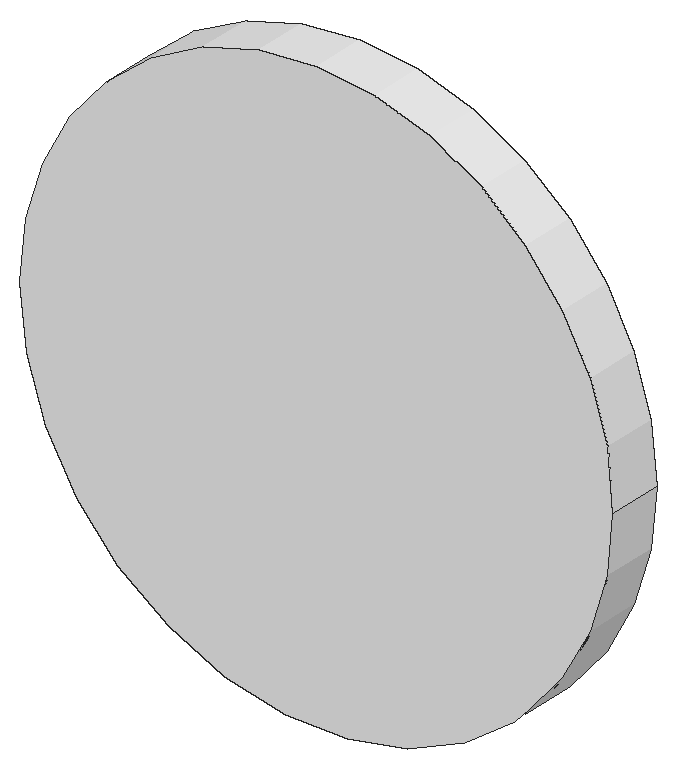
Revit family "Deca_Torneira de tanque com derivação para maquina_Torneira Uso Geral_1155.37", category Plumbing Fixtures, host Face, Revit 2019
Family settings
  Host = Face
  Round Connector Dimension = Use Radius
  Part Type = Normal
  Cut with Voids When Loaded = No
  Shared = No
  Room Calculation Point = No
Parameters (values of type "1155.C37_Cromado")
  Vazão na Pressão mín. (L/min) = "11 l/min"
  Vazão na Pressão máx. (L/min) = "41 l/min"
  URL = "www.deca.com.br"
  Tipo de rosca de saída = "-"
  Tipo de rosca de entrada = "BSP NBR 8133"
  Tipo de mecanismo utilizado = "MVC -1/4 volta"
  Tipo de dispositivo economizador = "Não"
  Segmento = "Banheiro Competitivo"
  Saída de Esgoto = "-"
  Raio Água Fria = 7.5 mm  # constant formula
  Pressão mín. funcionamento = "2 MCA"
  Pressão mín. Aquec. Passagem = "-"
  Pressão mín. Aquec. Acúmulo = "-"
  Pressão máx. funcionamento = "40 MCA"
  Peso Líquido (Kg) = 0.673
  Norma = "NBR10281"
  Model = "1155.C37"
  Material = Deca_Cromado
  Manufacturer = "Deca"
  Linha = "Torneira Uso Geral"
  Itens de Instalação = "-"
  Informações Complementares = "-"
  Description = "Torneira de tanque com derivação para maquina"
  Default Elevation = 1100 mm
  Diâmetro Água Fria = Raio Água Fria * 2  # 15 mm
  Código Pai = "1155.37"
  Criado por = "quattroD"
  Cores Componente = "-"
  Cor Secundária = "-"
  Cor Principal = "Cromado"
  Cor Interna = "-"
  Consumo = "-"
  Composição Componente = "-"
  Composição Básica = "Liga de Cobre (bronze e latão),Plásticos de Engenharia,Elastômeros"
  Composição Assento = "-"
  Composição Anel Vedação = "-"
  Categoria = "METAIS PARA AREA SERVICO"
  Atendimento ao Cliente = "0800-0117073"
  Aprovado por = "quattroD"
  Acompanha o Produto = "-"
Reference planes
  plane 1 "Center (Front/Back)": y = 0
  plane 2: z = 0
  plane 3 "Center (Left/Right)": x = 0
Forms (mm)
  Extrusion 1, solid, material "Deca_Cromado"
    sketch origin (-44.829, 169.829, 0) x (1, 0, 0) y (0, 0, 1)
      loop
        circle (44.829, 74.661) r 11.401
    from 124.973 to 127.056
Lines and regions (mm)
  Masking region 1
    outline origin (0, 0, 0) x (0, 1, 0) y (0, 0, 1)
      loop
        line (-48.588, 29.425) -> (-46.588, 31.425) -> (-46.588, 28.8)
        arc (-46.588, 28.8) -> (-46.249, 25.511) -> (-45.839, 22.23) r 150
        arc (-45.839, 22.23) -> (-45.172, 20.993) -> (-43.857, 20.5) r 2
        line (-43.857, 20.5) -> (-35.323, 20.5)
        arc (-35.323, 20.5) -> (-34.008, 20.993) -> (-33.341, 22.23) r 2
        arc (-33.341, 22.23) -> (-32.891, 25.862) -> (-32.53, 29.504) r 150
        line (-32.53, 29.504) -> (-19.402, 29.962)
        arc (-19.402, 29.962) -> (-12.836, 27.442) -> (-10.088, 20.968) r 9
        line (-10.088, 20.968) -> (-10.088, 10.459) -> (-12.158, 10.459) -> (-22.34, 6.428)
        arc (-22.34, 6.428) -> (-23.028, 5.876) -> (-23.288, 5.033) r 1.5
        line (-23.288, 5.033) -> (-23.288, 0) -> (26.712, 0) -> (26.712, 5.033)
        arc (26.712, 5.033) -> (26.453, 5.876) -> (25.765, 6.428) r 1.5
        line (25.765, 6.428) -> (15.582, 10.459) -> (13.512, 10.459) -> (13.512, 53.9)
        arc (13.512, 53.9) -> (15.803, 59.296) -> (21.274, 61.396) r 7.5
        line (21.274, 61.396) -> (22.472, 61.25) -> (37.472, 61.25)
        arc (37.472, 61.25) -> (37.826, 61.396) -> (37.972, 61.75) r 0.5
        line (37.972, 61.75) -> (37.972, 68.402) -> (42.641, 68.402) -> (42.774, 64.924)
        arc (42.774, 64.924) -> (43.385, 63.559) -> (44.772, 63) r 2
        line (44.772, 63) -> (46.772, 63) -> (46.772, 41.5) -> (57.772, 41.5) -> (57.772, 63) -> (59.272, 63)
        arc (59.272, 63) -> (59.98, 63.293) -> (60.272, 64) r 1
        line (60.272, 64) -> (60.272, 66)
        arc (60.272, 66) -> (60.817, 65.894) -> (61.295, 66.175) r 0.785
        arc (61.295, 66.175) -> (61.822, 74.588) -> (61.272, 83) r 66
        arc (61.272, 83) -> (60.772, 83.5) -> (60.272, 83) r 0.5
        line (60.272, 83) -> (60.272, 85)
        arc (60.272, 85) -> (59.98, 85.707) -> (59.272, 86) r 1
        line (59.272, 86) -> (57.772, 86) -> (57.772, 107.5) -> (46.772, 107.5) -> (46.772, 86.062) -> (44.711, 85.999)
        arc (44.711, 85.999) -> (43.362, 85.418) -> (42.774, 84.071) r 2
        line (42.774, 84.071) -> (42.652, 80.644) -> (37.972, 80.644) -> (37.972, 87.25)
        arc (37.972, 87.25) -> (37.826, 87.604) -> (37.472, 87.75) r 0.5
        line (37.472, 87.75) -> (22.472, 87.75) -> (18.078, 87.75)
        arc (18.078, 87.75) -> (13.406, 89.92) -> (10.328, 94.052) r 10.5
        arc (10.328, 94.052) -> (-1.295, 110.135) -> (-18.914, 119.264) r 42.883
        arc (-18.914, 119.264) -> (-21.056, 121.074) -> (-21.313, 123.866) r 3.7
        arc (-21.313, 123.866) -> (-21.115, 124.852) -> (-21.114, 125.859) r 5.119
        line (-21.114, 125.859) -> (-23.098, 126.581) -> (-23.586, 127.355) -> (-31.81, 130.348) -> (-33.195, 129.83) -> (-35.771, 122.664)
        arc (-35.771, 122.664) -> (-36.479, 122.539) -> (-37.187, 122.664) r 2.069
        line (-37.187, 122.664) -> (-40.843, 123.994) -> (-43.35, 124.008) -> (-43.075, 124.806) -> (-47.124, 125.376) -> (-46.834, 126.175) -> (-50.883, 126.744) -> (-50.592, 127.543) -> (-53.514, 127.702) -> (-57.311, 117.271) -> (-54.97, 115.515) -> (-54.679, 116.313) -> (-51.211, 114.146) -> (-50.921, 114.945) -> (-47.453, 112.778) -> (-47.162, 113.577) -> (-45.221, 111.966) -> (-41.565, 110.635)
        arc (-41.565, 110.635) -> (-40.945, 110.241) -> (-40.551, 109.621) r 1.697
        line (-40.551, 109.621) -> (-43.114, 102.579) -> (-42.54, 101.349) -> (-34.162, 98.3) -> (-33.29, 98.578) -> (-31.306, 97.856) -> (-30.629, 98.269) -> (-30.217, 99.402)
        arc (-30.217, 99.402) -> (-27.605, 101.392) -> (-24.438, 100.521) r 3.7
        arc (-24.438, 100.521) -> (-19.02, 96.497) -> (-14.405, 91.571) r 37.718
        arc (-14.405, 91.571) -> (-11.197, 85.663) -> (-10.088, 79.032) r 20.366
        line (-10.088, 79.032) -> (-10.088, 64.032)
        arc (-10.088, 64.032) -> (-12.836, 57.558) -> (-19.402, 55.038) r 9
        line (-19.402, 55.038) -> (-32.53, 55.496)
        arc (-32.53, 55.496) -> (-32.891, 59.138) -> (-33.341, 62.77) r 150
        arc (-33.341, 62.77) -> (-34.008, 64.007) -> (-35.323, 64.5) r 2
        line (-35.323, 64.5) -> (-43.857, 64.5)
        arc (-43.857, 64.5) -> (-45.172, 64.007) -> (-45.839, 62.77) r 2
        arc (-45.839, 62.77) -> (-46.249, 59.489) -> (-46.588, 56.2) r 150
        line (-46.588, 56.2) -> (-46.588, 53.575) -> (-48.588, 55.575) -> (-60.113, 55.575) -> (-61.188, 54.5) -> (-62.188, 54.5) -> (-62.188, 30.5) -> (-61.188, 30.5) -> (-60.113, 29.425) -> (-48.588, 29.425)
  Masking region 2
    outline origin (0, 0, 0) x (1, 0, 0) y (0, 1, 0)
      loop
        arc (8.325, 61.295) -> (0, 61.822) -> (-8.325, 61.295) r 66
        arc (-8.325, 61.295) -> (-8.836, 60.784) -> (-8.325, 60.272) r 0.511
        line (-8.325, 60.272) -> (-10.5, 60.272)
        arc (-10.5, 60.272) -> (-11.268, 59.913) -> (-11.484, 59.093) r 1
        line (-11.484, 59.093) -> (-11.243, 57.772) -> (-33, 57.772) -> (-33, 46.772) -> (-11.498, 46.772) -> (-11.498, 44.856)
        arc (-11.498, 44.856) -> (-10.943, 43.388) -> (-9.5, 42.772) r 2
        line (-9.5, 42.772) -> (-6.15, 42.772) -> (-6.15, 37.972) -> (-12.75, 37.972)
        arc (-12.75, 37.972) -> (-13.104, 37.826) -> (-13.25, 37.472) r 0.5
        line (-13.25, 37.472) -> (-13.25, 22.912)
        arc (-13.25, 22.912) -> (-24.997, 1.328) -> (-12.592, -19.885) r 25
        line (-12.592, -19.885) -> (-12.592, -23.583)
        arc (-12.592, -23.583) -> (-14.337, -24.944) -> (-14.643, -27.136) r 2.948
        arc (-14.643, -27.136) -> (-15.182, -27.533) -> (-15.388, -28.171) r 1.091
        line (-15.388, -28.171) -> (-15.388, -32.757)
        arc (-15.388, -32.757) -> (-17.832, -33.029) -> (-20.27, -33.341) r 150
        arc (-20.27, -33.341) -> (-21.507, -34.008) -> (-22, -35.323) r 2
        line (-22, -35.323) -> (-22, -43.857)
        arc (-22, -43.857) -> (-21.507, -45.172) -> (-20.27, -45.839) r 2
        arc (-20.27, -45.839) -> (-16.989, -46.249) -> (-13.7, -46.588) r 150
        line (-13.7, -46.588) -> (-11.075, -46.588) -> (-13.075, -48.588) -> (-13.075, -60.113) -> (-12, -61.188) -> (-12, -62.188) -> (12, -62.188) -> (12, -61.188) -> (13.075, -60.113) -> (13.075, -48.588) -> (11.075, -46.588) -> (13.7, -46.588)
        arc (13.7, -46.588) -> (16.989, -46.249) -> (20.27, -45.839) r 150
        arc (20.27, -45.839) -> (21.507, -45.172) -> (22, -43.857) r 2
        line (22, -43.857) -> (22, -35.323)
        arc (22, -35.323) -> (21.507, -34.008) -> (20.27, -33.341) r 2
        arc (20.27, -33.341) -> (17.868, -33.033) -> (15.46, -32.764) r 150
        line (15.46, -32.764) -> (15.46, -28.495)
        arc (15.46, -28.495) -> (15.24, -27.702) -> (14.643, -27.136) r 1.539
        arc (14.643, -27.136) -> (14.431, -24.917) -> (12.682, -23.535) r 2.841
        line (12.682, -23.535) -> (12.682, -19.832)
        arc (12.682, -19.832) -> (24.998, 1.38) -> (13.25, 22.912) r 25
        line (13.25, 22.912) -> (13.25, 37.472)
        arc (13.25, 37.472) -> (13.104, 37.826) -> (12.75, 37.972) r 0.5
        line (12.75, 37.972) -> (6.15, 37.972) -> (6.15, 42.772) -> (9.5, 42.772)
        arc (9.5, 42.772) -> (10.943, 43.388) -> (11.498, 44.856) r 2
        line (11.498, 44.856) -> (11.498, 46.772) -> (33, 46.772) -> (33, 57.772) -> (11.228, 57.772) -> (11.482, 59.082)
        arc (11.482, 59.082) -> (11.271, 59.909) -> (10.5, 60.272) r 1
        line (10.5, 60.272) -> (8.325, 60.272)
        arc (8.325, 60.272) -> (8.836, 60.784) -> (8.325, 61.295) r 0.511
  Masking region 3
    outline origin (0, 0, 0) x (1, 0, 0) y (0, 0, 1)
      loop
        line (25, 0) -> (25, 5.033)
        arc (25, 5.033) -> (24.741, 5.876) -> (24.052, 6.428) r 1.5
        line (24.052, 6.428) -> (13.87, 10.459) -> (12.055, 10.459) -> (12.055, 32.08)
        arc (12.055, 32.08) -> (15.83, 34.759) -> (20.002, 36.763) r 27.361
        arc (20.002, 36.763) -> (21.05, 37.31) -> (21.606, 38.354) r 2
        arc (21.606, 38.354) -> (22, 42.5) -> (21.606, 46.646) r 22
        arc (21.606, 46.646) -> (21.157, 47.575) -> (20.306, 48.156) r 2
        arc (20.306, 48.156) -> (15.93, 50.212) -> (12.055, 53.103) r 24.017
        line (12.055, 53.103) -> (12.055, 69) -> (33, 69) -> (33, 80) -> (12.055, 80)
        arc (12.055, 80) -> (11.611, 91.141) -> (10.854, 102.265) r 394.876
        arc (10.854, 102.265) -> (15.947, 113.093) -> (12.759, 124.626) r 17.228
        arc (12.759, 124.626) -> (3.053, 130.708) -> (-8.14, 128.277) r 15.183
        arc (-8.14, 128.277) -> (-16.163, 115.966) -> (-10.854, 102.265) r 16.107
        arc (-10.854, 102.265) -> (-11.733, 91.147) -> (-12.055, 80) r 222.791
        line (-12.055, 80) -> (-33, 80) -> (-33, 69) -> (-12.055, 69) -> (-12.055, 53.611)
        arc (-12.055, 53.611) -> (-15.692, 50.497) -> (-19.92, 48.25) r 21.86
        arc (-19.92, 48.25) -> (-21.02, 47.719) -> (-21.606, 46.646) r 2
        arc (-21.606, 46.646) -> (-22, 42.5) -> (-21.606, 38.354) r 22
        arc (-21.606, 38.354) -> (-21.157, 37.426) -> (-20.307, 36.844) r 2
        arc (-20.307, 36.844) -> (-15.923, 34.772) -> (-12.055, 31.85) r 23.657
        line (-12.055, 31.85) -> (-12.055, 10.459) -> (-13.87, 10.459) -> (-24.052, 6.428)
        arc (-24.052, 6.428) -> (-24.741, 5.876) -> (-25, 5.033) r 1.5
        line (-25, 5.033) -> (-25, 0) -> (25, 0)
  symbolic lines
    curve 1: line (0, -53.514, 127.702) -> (0, -57.311, 117.271)
    curve 2: line (0, -54.97, 115.515) -> (0, -57.311, 117.271)
    curve 3: line (0, -53.514, 127.702) -> (0, -50.592, 127.543)
    curve 4: line (0, -50.592, 127.543) -> (0, -54.97, 115.515)
    curve 5: line (0, -51.211, 114.146) -> (0, -54.679, 116.313)
    curve 6: line (0, -46.834, 126.175) -> (0, -51.211, 114.146)
    curve 7: line (0, -50.883, 126.744) -> (0, -46.834, 126.175)
    curve 8: line (0, -47.453, 112.778) -> (0, -50.921, 114.945)
    curve 9: line (0, -47.124, 125.376) -> (0, -43.075, 124.806)
    curve 10: line (0, -43.075, 124.806) -> (0, -47.453, 112.778)
    curve 11: line (0, -47.162, 113.577) -> (0, -45.221, 111.966)
    curve 12: line (0, -40.843, 123.994) -> (0, -43.365, 124.008)
    curve 13: line (0, -45.221, 111.966) -> (0, -40.843, 123.994)
    curve 14: line (0, -41.565, 110.635) -> (0, -45.221, 111.966)
    curve 15: line (0, -40.843, 123.994) -> (0, -37.187, 122.664)
    curve 16: line (0, -37.187, 122.664) -> (0, -41.565, 110.635)
    curve 17: line (0, -33.195, 129.83) -> (0, -43.114, 102.579)
    curve 18: line (0, -42.54, 101.349) -> (0, -34.162, 98.3)
    curve 19: line (0, -23.586, 127.355) -> (0, -31.81, 130.348)
    curve 20: line (0, -21.114, 125.859) -> (0, -23.098, 126.581)
    curve 21: line (0, -23.098, 126.581) -> (0, -33.29, 98.578)
    curve 22: line (0, -43.114, 102.579) -> (0, -42.54, 101.349)
    curve 23: line (0, -42.54, 101.349) -> (0, -34.162, 98.3)
    curve 24: line (0, -34.162, 98.3) -> (0, -33.29, 98.578)
    curve 25: line (0, -33.195, 129.83) -> (0, -31.81, 130.348)
    curve 26: line (0, -23.586, 127.355) -> (0, -23.098, 126.581)
    curve 27: arc (0, -41.565, 110.635) -> (0, -41.001, 110.118) -> (0, -40.967, 109.354) r 1
    curve 28: arc (0, -37.187, 122.664) -> (0, -36.422, 122.697) -> (0, -35.905, 123.261) r 1
    curve 29: line (0, -35.318, 124.873) -> (0, -41.554, 107.741)
    curve 30: line (0, -35.318, 124.873) -> (0, -41.554, 107.741)
    curve 31: line (0, -42.112, 102.045) -> (0, -33.888, 99.051)
    curve 32: line (0, -33.645, 99.721) -> (0, -41.87, 102.714)
    curve 33: line (0, -41.873, 103.209) -> (0, -33.322, 100.097)
    curve 34: line (0, -41.507, 103.718) -> (0, -33.28, 100.723)
    curve 35: line (0, -32.884, 101.811) -> (0, -41.113, 104.807)
    curve 36: line (0, -41.103, 105.326) -> (0, -32.552, 102.214)
    curve 37: line (0, -32.201, 103.177) -> (0, -40.774, 106.231)
    curve 38: line (0, -32.45, 102.492) -> (0, -41.001, 105.605)
    curve 39: line (0, -31.849, 104.653) -> (0, -40.084, 107.65)
    curve 40: line (0, -40.07, 108.163) -> (0, -31.519, 105.05)
    curve 41: line (0, -31.414, 105.34) -> (0, -39.965, 108.452)
    curve 42: line (0, -31.081, 106.255) -> (0, -39.686, 109.219)
    curve 43: line (0, -39.424, 109.473) -> (0, -31.244, 106.315)
    curve 44: line (0, -30.612, 108.052) -> (0, -38.853, 111.051)
    curve 45: line (0, -38.847, 111.525) -> (0, -30.296, 108.413)
    curve 46: line (0, -30.193, 108.694) -> (0, -38.744, 111.806)
    curve 47: line (0, -29.882, 109.549) -> (0, -38.433, 112.661)
    curve 48: line (0, -29.873, 110.083) -> (0, -38.118, 113.084)
    curve 49: line (0, -29.257, 111.776) -> (0, -37.505, 114.778)
    curve 50: line (0, -37.423, 115.437) -> (0, -28.872, 112.325)
    curve 51: line (0, -28.549, 113.21) -> (0, -37.1, 116.323)
    curve 52: line (0, -28.492, 113.878) -> (0, -36.743, 116.882)
    curve 53: line (0, -27.875, 115.572) -> (0, -36.13, 118.576)
    curve 54: line (0, -36.09, 119.099) -> (0, -27.539, 115.986)
    curve 55: line (0, -35.779, 119.954) -> (0, -27.228, 116.842)
    curve 56: line (0, -27.136, 117.603) -> (0, -35.395, 120.609)
    curve 57: line (0, -34.891, 122.392) -> (0, -26.286, 119.428)
    curve 58: line (0, -34.891, 122.392) -> (0, -26.286, 119.428)
    curve 59: line (0, -34.558, 123.308) -> (0, -26.007, 120.195)
    curve 60: line (0, -26.008, 120.702) -> (0, -34.273, 123.71)
    curve 61: line (0, -25.77, 120.992) -> (0, -34.164, 124.01)
    curve 62: line (0, -26.286, 119.428) -> (0, -34.837, 122.541)
    curve 63: line (0, -33.674, 125.366) -> (0, -25.22, 122.358)
    curve 64: line (0, -33.522, 126.155) -> (0, -24.971, 123.043)
    curve 65: line (0, -24.865, 123.843) -> (0, -33.135, 126.853)
    curve 66: line (0, -23.827, 125.339) -> (0, -32.922, 128.65)
    curve 67: line (0, -32.194, 129.804) -> (0, -23.642, 126.692)
    curve 68: line (0, -24.104, 125.934) -> (0, -32.378, 128.946)
    curve 69: line (0, -32.741, 127.942) -> (0, -24.486, 124.882)
    curve 70: line (0, -32.142, 129.599) -> (0, -23.86, 126.603)
    curve 71: line (0, -42.112, 102.045) -> (0, -32.142, 129.599)
    curve 72: line (0, -42.58, 102.583) -> (0, -32.724, 129.663)
    curve 73: line (0, -33.888, 99.051) -> (0, -23.924, 126.429)
    curve 74: line (0, -33.29, 98.578) -> (0, -31.306, 97.856)
    curve 75: line (0, -21.013, 125.29) -> (0, -30.863, 98.227)
    curve 76: line (0, -21.114, 125.859) -> (0, -31.306, 97.856)
    curve 77: arc (0, -24.438, 100.521) -> (0, -27.605, 101.392) -> (0, -30.217, 99.402) r 3.7
    curve 78: arc (0, -21.313, 123.866) -> (0, -21.056, 121.074) -> (0, -18.914, 119.264) r 3.7
    curve 79: spline (0, -21.553, 123.208) -> (0, -21.654, 122.765) -> (0, -21.695, 122.311) -> (0, -21.673, 121.854) -> (0, -21.59, 121.401) -> (0, -21.447, 120.961) -> (0, -21.247, 120.539) -> (0, -20.992, 120.145) -> (0, -20.687, 119.783) -> (0, -20.337, 119.461) -> (0, -19.948, 119.183) -> (0, -19.527, 118.955) -> (0, -19.081, 118.779)
    curve 80: arc (0, -19.402, 55.038) -> (0, -12.836, 57.558) -> (0, -10.088, 64.032) r 9
    curve 81: line (0, -19.402, 55.038) -> (0, -32.53, 55.496)
    curve 82: arc (0, -10.088, 20.968) -> (0, -12.836, 27.442) -> (0, -19.402, 29.962) r 9
    curve 83: line (0, -19.402, 29.962) -> (0, -32.53, 29.504)
    curve 84: line (0, -60.113, 55.575) -> (0, -48.588, 55.575)
    curve 85: line (0, -48.588, 29.425) -> (0, -60.113, 29.425)
    curve 86: line (0, -62.188, 30.5) -> (0, -62.188, 54.5)
    curve 87: line (0, -61.188, 30.5) -> (0, -62.188, 30.5)
    curve 88: line (0, -61.188, 30.5) -> (0, -60.113, 29.425)
    curve 89: line (0, -61.188, 54.5) -> (0, -61.188, 30.5)
    curve 90: line (0, -60.113, 29.425) -> (0, -60.113, 55.575)
    curve 91: line (0, -60.113, 55.575) -> (0, -61.188, 54.5)
    curve 92: line (0, -62.188, 54.5) -> (0, -61.188, 54.5)
    curve 93: line (0, -46.588, 53.575) -> (0, -48.588, 55.575)
    curve 94: line (0, -46.588, 31.425) -> (0, -48.588, 29.425)
    curve 95: line (0, -48.588, 55.575) -> (0, -48.588, 29.425)
    curve 96: arc (0, -33.341, 22.23) -> (0, -32.891, 25.862) -> (0, -32.53, 29.504) r 150
    curve 97: arc (0, -46.588, 28.8) -> (0, -46.249, 25.511) -> (0, -45.839, 22.23) r 150
    curve 98: spline (0, -45.839, 22.59) -> (0, -45.792, 22.36) -> (0, -45.718, 22.137) -> (0, -45.617, 21.924) -> (0, -45.492, 21.724) -> (0, -45.342, 21.54) -> (0, -45.172, 21.376) -> (0, -44.983, 21.232) -> (0, -44.778, 21.112) -> (0, -44.559, 21.016) -> (0, -44.331, 20.947) -> (0, -44.096, 20.905) -> (0, -43.857, 20.891)
    curve 99: spline (0, -35.323, 20.891) -> (0, -35.084, 20.905) -> (0, -34.849, 20.947) -> (0, -34.621, 21.016) -> (0, -34.402, 21.112) -> (0, -34.197, 21.232) -> (0, -34.008, 21.376) -> (0, -33.837, 21.54) -> (0, -33.688, 21.724) -> (0, -33.562, 21.924) -> (0, -33.462, 22.137) -> (0, -33.388, 22.36) -> (0, -33.341, 22.59)
    curve 100: line (0, -43.857, 20.891) -> (0, -35.323, 20.891)
    curve 101: line (0, -35.323, 20.5) -> (0, -43.857, 20.5)
    curve 102: arc (0, -45.839, 22.23) -> (0, -45.172, 20.993) -> (0, -43.857, 20.5) r 2
    curve 103: arc (0, -35.323, 20.5) -> (0, -34.008, 20.993) -> (0, -33.341, 22.23) r 2
    curve 104: line (0, -43.857, 64.5) -> (0, -35.323, 64.5)
    curve 105: line (0, -43.857, 64.109) -> (0, -35.323, 64.109)
    curve 106: arc (0, -43.857, 64.5) -> (0, -45.172, 64.007) -> (0, -45.839, 62.77) r 2
    curve 107: arc (0, -33.341, 62.77) -> (0, -34.008, 64.007) -> (0, -35.323, 64.5) r 2
    curve 108: spline (0, -43.857, 64.109) -> (0, -44.096, 64.095) -> (0, -44.332, 64.052) -> (0, -44.561, 63.983) -> (0, -44.78, 63.887) -> (0, -44.986, 63.766) -> (0, -45.176, 63.621) -> (0, -45.346, 63.455) -> (0, -45.495, 63.271) -> (0, -45.621, 63.07) -> (0, -45.721, 62.856) -> (0, -45.794, 62.632) -> (0, -45.84, 62.4)
    curve 109: spline (0, -33.34, 62.4) -> (0, -33.386, 62.632) -> (0, -33.459, 62.856) -> (0, -33.559, 63.07) -> (0, -33.685, 63.271) -> (0, -33.834, 63.455) -> (0, -34.004, 63.621) -> (0, -34.194, 63.766) -> (0, -34.399, 63.887) -> (0, -34.618, 63.983) -> (0, -34.848, 64.052) -> (0, -35.084, 64.095) -> (0, -35.323, 64.109)
    curve 110: arc (0, -45.839, 62.77) -> (0, -46.249, 59.489) -> (0, -46.588, 56.2) r 150
    curve 111: line (0, -46.588, 28.8) -> (0, -46.588, 56.2)
    curve 112: arc (0, -32.53, 55.496) -> (0, -32.891, 59.138) -> (0, -33.341, 62.77) r 150
    curve 113: spline (0, -33.341, 46.32) -> (0, -33.388, 46.365) -> (0, -33.462, 46.407) -> (0, -33.562, 46.448) -> (0, -33.688, 46.487) -> (0, -33.837, 46.522) -> (0, -34.008, 46.553) -> (0, -34.197, 46.581) -> (0, -34.402, 46.604) -> (0, -34.621, 46.622) -> (0, -34.849, 46.636) -> (0, -35.084, 46.644) -> (0, -35.323, 46.646)
    curve 114: line (0, -35.323, 36.844) -> (0, -35.323, 48.156)
    curve 115: line (0, -43.857, 36.844) -> (0, -35.323, 36.844)
    curve 116: line (0, -43.857, 48.156) -> (0, -43.857, 36.844)
    curve 117: line (0, -43.857, 38.354) -> (0, -35.323, 38.354)
    curve 118: line (0, -43.857, 46.646) -> (0, -35.323, 46.646)
    curve 119: line (0, -35.323, 48.156) -> (0, -43.857, 48.156)
    curve 120: line (0, -43.857, 22.19) -> (0, -35.323, 22.19)
    curve 121: line (0, -33.341, 38.68) -> (0, -33.341, 46.32)
    curve 122: line (0, -45.839, 46.32) -> (0, -45.839, 38.68)
    curve 123: spline (0, -45.839, 38.68) -> (0, -45.792, 38.635) -> (0, -45.718, 38.593) -> (0, -45.617, 38.552) -> (0, -45.492, 38.513) -> (0, -45.342, 38.478) -> (0, -45.172, 38.447) -> (0, -44.983, 38.419) -> (0, -44.778, 38.396) -> (0, -44.559, 38.378) -> (0, -44.331, 38.364) -> (0, -44.096, 38.356) -> (0, -43.857, 38.354)
    curve 124: spline (0, -43.857, 46.646) -> (0, -44.096, 46.644) -> (0, -44.331, 46.636) -> (0, -44.559, 46.622) -> (0, -44.778, 46.604) -> (0, -44.983, 46.581) -> (0, -45.172, 46.553) -> (0, -45.342, 46.522) -> (0, -45.492, 46.487) -> (0, -45.617, 46.448) -> (0, -45.718, 46.407) -> (0, -45.792, 46.365) -> (0, -45.839, 46.32)
    curve 125: spline (0, -35.323, 38.354) -> (0, -35.084, 38.356) -> (0, -34.849, 38.364) -> (0, -34.621, 38.378) -> (0, -34.402, 38.396) -> (0, -34.197, 38.419) -> (0, -34.008, 38.447) -> (0, -33.837, 38.478) -> (0, -33.688, 38.513) -> (0, -33.562, 38.552) -> (0, -33.462, 38.593) -> (0, -33.388, 38.635) -> (0, -33.341, 38.68)
    curve 126: line (0, -43.857, 20.5) -> (0, -43.857, 22.19)
    curve 127: line (0, -35.271, 62.81) -> (0, -43.857, 62.81)
    curve 128: arc (0, -43.857, 36.844) -> (0, -45.249, 37.329) -> (0, -45.839, 38.68) r 1.841
    curve 129: arc (0, -35.323, 36.844) -> (0, -33.922, 37.424) -> (0, -33.341, 38.826) r 1.982
    curve 130: arc (0, -43.857, 22.19) -> (0, -44.405, 27.164) -> (0, -44.554, 32.166) r 62.514
    curve 131: arc (0, -35.323, 22.19) -> (0, -34.776, 27.113) -> (0, -34.633, 32.064) r 60.513
    curve 132: arc (0, -44.554, 32.166) -> (0, -44.366, 34.712) -> (0, -43.857, 37.214) r 20.107
    curve 133: arc (0, -35.323, 37.171) -> (0, -34.821, 34.639) -> (0, -34.633, 32.064) r 21.116
    curve 134: arc (0, -43.857, 22.19) -> (0, -44.753, 22.188) -> (0, -45.649, 22.19) r 160.029
    curve 135: arc (0, -35.323, 22.19) -> (0, -34.476, 22.127) -> (0, -33.629, 22.19) r 5.742
    curve 136: arc (0, -43.857, 48.156) -> (0, -44.6, 51.662) -> (0, -44.477, 55.243) r 14.769
    curve 137: arc (0, -35.323, 48.156) -> (0, -34.679, 51.646) -> (0, -34.707, 55.194) r 18.68
    curve 138: arc (0, -44.477, 55.243) -> (0, -44.284, 59.684) -> (0, -43.857, 64.109) r 83.84
    curve 139: arc (0, -34.707, 55.194) -> (0, -35.091, 59.646) -> (0, -35.323, 64.109) r 131.331
    curve 140: arc (0, -43.857, 62.81) -> (0, -44.752, 62.902) -> (0, -45.648, 62.81) r 4.378
    curve 141: arc (0, -35.271, 62.81) -> (0, -34.398, 62.992) -> (0, -33.526, 62.81) r 2.18
    curve 142: arc (0, -43.857, 48.156) -> (0, -45.189, 47.604) -> (0, -45.741, 46.272) r 1.884
    curve 143: arc (0, -33.341, 46.32) -> (0, -33.926, 47.731) -> (0, -35.336, 48.315) r 1.994
    curve 144: arc (0, -32.53, 55.496) -> (0, -32.421, 50.863) -> (0, -33.341, 46.32) r 20.783
    curve 145: arc (0, -32.53, 29.504) -> (0, -32.597, 34.126) -> (0, -32.852, 38.742) r 113.557
    curve 146: line (0, -32.53, 29.504) -> (0, -32.53, 55.496)
    curve 147: line (0, -32.53, 42.5) -> (0, -10.785, 42.5)
    curve 148: line (0, -10.785, 35.061) -> (0, -10.785, 49.939)
    curve 149: line (0, -7.353, 37.632) -> (0, -7.353, 47.368)
    curve 150: spline (0, -2.898, 34.001) -> (0, -3.237, 34.326) -> (0, -3.586, 34.65) -> (0, -3.943, 34.972) -> (0, -4.308, 35.291) -> (0, -4.678, 35.606) -> (0, -5.054, 35.917) -> (0, -5.434, 36.222) -> (0, -5.816, 36.521) -> (0, -6.2, 36.812) -> (0, -6.585, 37.095) -> (0, -6.97, 37.369) -> (0, -7.353, 37.632)
    curve 151: spline (0, -7.353, 47.368) -> (0, -6.97, 47.631) -> (0, -6.585, 47.905) -> (0, -6.2, 48.188) -> (0, -5.816, 48.479) -> (0, -5.434, 48.778) -> (0, -5.054, 49.083) -> (0, -4.678, 49.394) -> (0, -4.308, 49.709) -> (0, -3.943, 50.028) -> (0, -3.586, 50.35) -> (0, -3.237, 50.674) -> (0, -2.898, 50.999)
    curve 152: arc (0, -5.026, 39.319) -> (0, -11.974, 34.273) -> (0, -19.402, 29.962) r 83.971
    curve 153: arc (0, -19.402, 55.038) -> (0, -11.564, 50.472) -> (0, -4.394, 44.915) r 68.852
    curve 154: line (0, -5.026, 39.319) -> (0, -4.092, 40.253)
    curve 155: arc (0, -4.092, 40.253) -> (0, -3.188, 42.652) -> (0, -4.394, 44.915) r 3.109
    curve 156: arc (0, -10.785, 35.061) -> (0, -7.769, 32.557) -> (0, -5.266, 29.54) r 21.191
    curve 157: arc (0, -10.785, 49.939) -> (0, -7.679, 52.347) -> (0, -5.27, 55.454) r 15.649
    curve 158: arc (0, -10.088, 20.968) -> (0, -6.413, 27.44) -> (0, -2.898, 34.001) r 304.842
    curve 159: arc (0, -10.088, 64.032) -> (0, -6.42, 57.556) -> (0, -2.898, 50.999) r 333.714
    curve 160: arc (0, -2.898, 50.999) -> (0, -0.424, 42.629) -> (0, -2.898, 34.259) r 15.397
    curve 161: line (0, 7.874, 70.389) -> (0, 7.874, 78.772)
    curve 162: line (0, 22.472, 87.646) -> (0, 22.472, 61.354)
    curve 163: line (0, 20.396, 87.573) -> (0, 22.472, 87.646)
    curve 164: arc (0, 21.274, 61.396) -> (0, 15.803, 59.296) -> (0, 13.512, 53.9) r 7.5
    curve 165: line (0, 22.472, 61.354) -> (0, 21.274, 61.396)
    curve 166: arc (0, 21.274, 61.396) -> (0, 14.873, 66.339) -> (0, 7.874, 70.389) r 60.864
    curve 167: arc (0, 7.874, 78.772) -> (0, 14.461, 82.709) -> (0, 20.396, 87.573) r 51.963
    curve 168: line (0, 7.874, 74.58) -> (0, 22.472, 74.58)
    curve 169: arc (0, 7.874, 78.772) -> (0, 6.415, 74.58) -> (0, 7.874, 70.389) r 6.749
    curve 170: arc (0, 10.328, 94.052) -> (0, 14.348, 89.237) -> (0, 20.396, 87.573) r 10.5
    curve 171: arc (0, 10.328, 94.052) -> (0, 7.462, 88.649) -> (0, 4.398, 83.355) r 165.312
    curve 172: arc (0, 13.512, 53.9) -> (0, 8.866, 59.949) -> (0, 4.121, 65.921) r 463.271
    curve 173: arc (0, 4.121, 65.921) -> (0, 1.798, 74.409) -> (0, 4.121, 82.898) r 16.672
    curve 174: line (0, 4.121, 65.921) -> (0, 7.874, 70.389)
    curve 175: line (0, 7.874, 78.772) -> (0, 4.121, 82.898)
    curve 176: line (0, 13.512, 10.459) -> (0, 13.512, 53.9)
    curve 177: line (0, -10.088, 10.459) -> (0, -10.088, 20.968)
    curve 178: line (0, 15.582, 10.459) -> (0, -12.158, 10.459)
    curve 179: line (0, -22.34, 6.428) -> (0, -12.158, 10.459)
    curve 180: line (0, -23.288, 0) -> (0, -23.288, 5.033)
    curve 181: line (0, 26.712, 5.033) -> (0, 26.712, 0)
    curve 182: arc (0, 26.712, 5.033) -> (0, 26.453, 5.876) -> (0, 25.765, 6.428) r 1.5
    curve 183: line (0, 15.582, 10.459) -> (0, 25.765, 6.428)
    curve 184: arc (0, -22.34, 6.428) -> (0, -23.028, 5.876) -> (0, -23.288, 5.033) r 1.5
    curve 185: line (0, -23.288, 5.033) -> (0, 26.712, 5.033)
    curve 186: line (0, -23.288, 0) -> (0, 26.712, 0)
    curve 187: line (0, 25.765, 6.428) -> (0, -22.34, 6.428)
    curve 188: line (0, 12.907, 10.459) -> (0, 12.907, 54.827)
    curve 189: line (0, -10.088, 64.032) -> (0, -10.088, 79.032)
    curve 190: arc (0, -10.088, 79.032) -> (0, -11.197, 85.663) -> (0, -14.405, 91.571) r 20.366
    curve 191: arc (0, -14.405, 91.571) -> (0, -19.02, 96.497) -> (0, -24.438, 100.521) r 37.718
    curve 192: arc (0, 10.328, 94.052) -> (0, -1.295, 110.135) -> (0, -18.914, 119.264) r 42.883
    curve 193: line (0, -19.081, 118.779) -> (0, -24.981, 101.648)
    curve 194: line (0, 46.772, 107.5) -> (0, 46.772, 86.5)
    curve 195: line (0, 57.772, 86.5) -> (0, 57.772, 107.5)
    curve 196: line (0, 57.772, 41.5) -> (0, 57.772, 62.5)
    curve 197: line (0, 46.772, 62.5) -> (0, 46.772, 41.5)
    curve 198: line (0, 22.472, 61.25) -> (0, 37.472, 61.25)
    curve 199: line (0, 37.472, 87.75) -> (0, 22.472, 87.75)
    curve 200: line (0, 37.472, 61.25) -> (0, 37.472, 87.75)
    curve 201: line (0, 38.472, 80.65) -> (0, 42.772, 80.65)
    curve 202: line (0, 42.772, 68.35) -> (0, 38.472, 68.35)
    curve 203: line (0, 37.972, 62.266) -> (0, 37.972, 86.734)
    curve 204: line (0, 37.972, 62.266) -> (0, 37.972, 86.734)
    curve 205: line (0, 38.472, 68.35) -> (0, 38.472, 80.65)
    curve 206: arc (0, 37.472, 61.25) -> (0, 37.826, 61.396) -> (0, 37.972, 61.75) r 0.5
    curve 207: arc (0, 37.972, 87.25) -> (0, 37.826, 87.604) -> (0, 37.472, 87.75) r 0.5
    curve 208: arc (0, 44.772, 86) -> (0, 43.358, 85.414) -> (0, 42.772, 84) r 2
    curve 209: line (0, 42.772, 86.062) -> (0, 42.772, 63.26)
    curve 210: arc (0, 42.772, 65) -> (0, 43.358, 63.586) -> (0, 44.772, 63) r 2
    curve 211: line (0, 44.772, 63) -> (0, 44.772, 86)
    curve 212: line (0, 44.772, 86) -> (0, 46.272, 86)
    curve 213: circle (0, 52.272, 74.5) r 5.5 normal (1, 0, 0)
    curve 214: line (0, 46.272, 63) -> (0, 44.772, 63)
    curve 215: arc (0, 61.295, 66.175) -> (0, 61.822, 74.5) -> (0, 61.295, 82.825) r 66
    curve 216: line (0, 60.272, 64) -> (0, 60.272, 85)
    curve 217: line (0, 61.097, 66) -> (0, 61.097, 83)
    curve 218: arc (0, 60.272, 85) -> (0, 59.98, 85.707) -> (0, 59.272, 86) r 1
    curve 219: arc (0, 59.272, 63) -> (0, 59.98, 63.293) -> (0, 60.272, 64) r 1
    curve 220: arc (0, 46.772, 62.5) -> (0, 52.272, 64.108) -> (0, 57.772, 62.5) r 10.212
    curve 221: line (0, 58.272, 63) -> (0, 59.272, 63)
    curve 222: arc (0, 46.272, 63) -> (0, 52.272, 64.541) -> (0, 58.272, 63) r 12.453
    curve 223: line (0, 59.272, 63) -> (0, 59.272, 86)
    curve 224: arc (0, 46.772, 86.5) -> (0, 52.272, 84.892) -> (0, 57.772, 86.5) r 10.212
    curve 225: line (0, 59.272, 86) -> (0, 58.272, 86)
    curve 226: arc (0, 46.272, 86) -> (0, 52.272, 84.459) -> (0, 58.272, 86) r 12.453
    curve 227: line (0, 46.772, 107.5) -> (0, 57.772, 107.5)
    curve 228: line (0, 46.772, 41.5) -> (0, 57.772, 41.5)
    curve 229: line (0, 52.272, 84.892) -> (0, 52.272, 107.5)
    curve 230: line (0, 52.272, 64.541) -> (0, 52.272, 41.5)
    curve 231: line (-12, 57.772, 0) -> (-33, 57.772, 0)
    curve 232: line (-33, 57.772, 0) -> (-33, 46.772, 0)
    curve 233: line (-33, 46.772, 0) -> (-12, 46.772, 0)
    curve 234: line (33, 46.772, 0) -> (33, 57.772, 0)
    curve 235: line (33, 57.772, 0) -> (12, 57.772, 0)
    curve 236: line (12, 46.772, 0) -> (33, 46.772, 0)
    curve 237: arc (-11.498, 44.856, 0) -> (-10.943, 43.388, 0) -> (-9.5, 42.772, 0) r 2
    curve 238: arc (9.5, 42.772, 0) -> (10.943, 43.388, 0) -> (11.498, 44.856, 0) r 2
    curve 239: line (-11.401, 42.772, 0) -> (11.401, 42.772, 0)
    curve 240: line (-6.15, 38.472, 0) -> (-6.15, 42.772, 0)
    curve 241: line (6.15, 42.772, 0) -> (6.15, 38.472, 0)
    curve 242: line (11.498, 44.856, 0) -> (-11.498, 44.856, 0)
    curve 243: line (-11.5, 44.772, 0) -> (-11.5, 46.272, 0)
    curve 244: line (11.5, 46.273, 0) -> (11.5, 44.772, 0)
    curve 245: arc (8.325, 61.295, 0) -> (0, 61.822, 0) -> (-8.325, 61.295, 0) r 66
    curve 246: line (8.325, 61.295, 0) -> (-8.325, 61.295, 0)
    curve 247: line (10.5, 60.272, 0) -> (-10.5, 60.272, 0)
    curve 248: line (8.5, 61.097, 0) -> (-8.5, 61.097, 0)
    curve 249: arc (-10.5, 60.272, 0) -> (-11.207, 59.98, 0) -> (-11.5, 59.272, 0) r 1
    curve 250: arc (11.5, 59.272, 0) -> (11.207, 59.98, 0) -> (10.5, 60.272, 0) r 1
    curve 251: line (11.5, 59.272, 0) -> (-11.5, 59.272, 0)
    curve 252: circle (0, 52.272, 0) r 5.5 normal (0, 0, 1)
    curve 253: arc (-12, 57.772, 0) -> (-10.561, 52.272, 0) -> (-12, 46.772, 0) r 11.234
    curve 254: line (-11.5, 59.272, 0) -> (-11.5, 58.272, 0)
    curve 255: line (11.5, 58.272, 0) -> (11.5, 59.272, 0)
    curve 256: arc (-11.5, 58.272, 0) -> (-9.976, 52.272, 0) -> (-11.5, 46.272, 0) r 12.575
    curve 257: arc (12, 57.772, 0) -> (10.392, 52.272, 0) -> (12, 46.772, 0) r 10.212
    curve 258: arc (11.5, 58.272, 0) -> (9.897, 52.273, 0) -> (11.5, 46.273, 0) r 12.032
    curve 259: line (-10.561, 52.272, 0) -> (-33, 52.272, 0)
    curve 260: line (10.392, 52.272, 0) -> (33, 52.272, 0)
    curve 261: line (12.75, 37.972, 0) -> (-12.75, 37.972, 0)
    curve 262: arc (-12.75, 37.972, 0) -> (-13.104, 37.826, 0) -> (-13.25, 37.472, 0) r 0.5
    curve 263: arc (13.25, 37.472, 0) -> (13.104, 37.826, 0) -> (12.75, 37.972, 0) r 0.5
    curve 264: line (12.75, 37.972, 0) -> (-12.75, 37.972, 0)
    curve 265: line (13.25, 37.472, 0) -> (-13.25, 37.472, 0)
    curve 266: line (6.15, 38.472, 0) -> (-6.15, 38.472, 0)
    curve 267: line (-13.25, 37.472, 0) -> (-13.25, 22.472, 0)
    curve 268: line (13.25, 22.472, 0) -> (13.25, 37.472, 0)
    curve 269: line (-13.25, 22.472, 0) -> (13.146, 22.472, 0)
    curve 270: arc (12.555, -19.906, 0) -> (24.997, 1.307, 0) -> (13.25, 22.912, 0) r 25
    curve 271: arc (12.518, -18.826, 0) -> (24.05, 1.354, 0) -> (13.125, 21.868, 0) r 24.052
    curve 272: arc (-13.25, 22.912, 0) -> (-24.997, 1.307, 0) -> (-12.555, -19.906, 0) r 25
    curve 273: arc (-13.125, 21.868, 0) -> (-24.05, 1.354, 0) -> (-12.518, -18.826, 0) r 24.052
    curve 274: line (-13.146, 22.472, 0) -> (-12.636, 7.874, 0)
    curve 275: line (13.146, 22.472, 0) -> (12.636, 7.874, 0)
    curve 276: line (-12.682, -23.535, 0) -> (-12.237, -10.785, 0)
    curve 277: line (12.682, -23.535, 0) -> (12.237, -10.785, 0)
    curve 278: spline (11.178, -22.833, 0) -> (9.716, -22.303, 0) -> (8.041, -21.853, 0) -> (6.19, -21.492, 0) -> (4.204, -21.228, 0) -> (2.125, -21.067, 0) -> (0, -21.013, 0) -> (-2.125, -21.067, 0) -> (-4.204, -21.228, 0) -> (-6.19, -21.492, 0) -> (-8.041, -21.853, 0) -> (-9.716, -22.303, 0) -> (-11.178, -22.833, 0)
    curve 279: spline (14.9, -26.21, 0) -> (14.392, -24.891, 0) -> (12.904, -23.662, 0) -> (10.536, -22.606, 0) -> (7.45, -21.796, 0) -> (3.856, -21.287, 0) -> (0, -21.114, 0) -> (-3.856, -21.287, 0) -> (-7.45, -21.796, 0) -> (-10.536, -22.606, 0) -> (-12.904, -23.662, 0) -> (-14.392, -24.891, 0) -> (-14.9, -26.21, 0)
    curve 280: arc (-11.997, -7.353, 0) -> (-12.147, -9.067, 0) -> (-12.237, -10.785, 0) r 49.5
    curve 281: arc (12.237, -10.785, 0) -> (12.147, -9.067, 0) -> (11.997, -7.353, 0) r 49.5
    curve 282: arc (11.792, -5.59, 0) -> (13.843, 0.846, 0) -> (12.611, 7.487, 0) r 13.87
    curve 283: arc (-12.611, 7.487, 0) -> (-13.843, 0.846, 0) -> (-11.792, -5.59, 0) r 13.87
    curve 284: spline (6.345, -43.318, 0) -> (6.325, -42.699, 0) -> (5.8, -42.107, 0) -> (4.811, -41.589, 0) -> (3.438, -41.186, 0) -> (1.791, -40.931, 0) -> (0, -40.843, 0) -> (-1.791, -40.931, 0) -> (-3.438, -41.186, 0) -> (-4.811, -41.589, 0) -> (-5.8, -42.107, 0) -> (-6.325, -42.699, 0) -> (-6.345, -43.318, 0)
    curve 285: spline (6.381, -45.433, 0) -> (6.276, -44.835, 0) -> (5.7, -44.268, 0) -> (4.697, -43.777, 0) -> (3.342, -43.397, 0) -> (1.736, -43.157, 0) -> (0, -43.075, 0) -> (-1.736, -43.157, 0) -> (-3.342, -43.397, 0) -> (-4.697, -43.777, 0) -> (-5.7, -44.268, 0) -> (-6.276, -44.835, 0) -> (-6.381, -45.433, 0)
    curve 286: spline (6.381, -49.192, 0) -> (6.276, -48.593, 0) -> (5.7, -48.027, 0) -> (4.697, -47.536, 0) -> (3.342, -47.156, 0) -> (1.736, -46.916, 0) -> (0, -46.834, 0) -> (-1.736, -46.916, 0) -> (-3.342, -47.156, 0) -> (-4.697, -47.536, 0) -> (-5.7, -48.027, 0) -> (-6.276, -48.593, 0) -> (-6.381, -49.192, 0)
    curve 287: spline (-4.25, -55.412, 0) -> (-4.105, -55.789, 0) -> (-3.681, -56.139, 0) -> (-3.005, -56.44, 0) -> (-2.125, -56.671, 0) -> (-1.1, -56.816, 0) -> (0, -56.866, 0) -> (1.1, -56.816, 0) -> (2.125, -56.671, 0) -> (3.005, -56.44, 0) -> (3.681, -56.139, 0) -> (4.105, -55.789, 0) -> (4.25, -55.412, 0) -> (4.105, -55.036, 0) -> (3.681, -54.686, 0) -> (3.005, -54.385, 0) -> (2.125, -54.154, 0) -> (1.1, -54.008, 0) -> (0, -53.959, 0) -> (-1.1, -54.008, 0) -> (-2.125, -54.154, 0) -> (-3.005, -54.385, 0) -> (-3.681, -54.686, 0) -> (-4.105, -55.036, 0) -> (-4.25, -55.412, 0)
    curve 288: spline (5.55, -55.412, 0) -> (5.361, -54.921, 0) -> (4.806, -54.463, 0) -> (3.924, -54.07, 0) -> (2.775, -53.768, 0) -> (1.436, -53.579, 0) -> (0, -53.514, 0) -> (-1.436, -53.579, 0) -> (-2.775, -53.768, 0) -> (-3.924, -54.07, 0) -> (-4.806, -54.463, 0) -> (-5.361, -54.921, 0) -> (-5.55, -55.412, 0) -> (-5.361, -55.904, 0) -> (-4.806, -56.361, 0) -> (-3.924, -56.755, 0) -> (-2.775, -57.056, 0) -> (-1.436, -57.246, 0) -> (0, -57.311, 0) -> (1.436, -57.246, 0) -> (2.775, -57.056, 0) -> (3.924, -56.755, 0) -> (4.806, -56.361, 0) -> (5.361, -55.904, 0) -> (5.55, -55.412, 0)
    curve 289: spline (6.361, -53.023, 0) -> (6.308, -52.412, 0) -> (5.763, -51.83, 0) -> (4.769, -51.321, 0) -> (3.402, -50.927, 0) -> (1.77, -50.678, 0) -> (0, -50.592, 0) -> (-1.77, -50.678, 0) -> (-3.402, -50.927, 0) -> (-4.769, -51.321, 0) -> (-5.763, -51.83, 0) -> (-6.308, -52.412, 0) -> (-6.361, -53.023, 0)
    curve 290: line (5.78, -51.841, 0) -> (6.381, -49.192, 0)
    curve 291: line (-5.78, -51.841, 0) -> (-6.381, -49.192, 0)
    curve 292: line (-5.516, -55.622, 0) -> (-6.361, -53.023, 0)
    curve 293: line (5.516, -55.622, 0) -> (6.361, -53.023, 0)
    curve 294: spline (6.381, -45.433, 0) -> (6.276, -44.835, 0) -> (5.7, -44.268, 0) -> (4.697, -43.777, 0) -> (3.342, -43.397, 0) -> (1.736, -43.157, 0) -> (0, -43.075, 0) -> (-1.736, -43.157, 0) -> (-3.342, -43.397, 0) -> (-4.697, -43.777, 0) -> (-5.7, -44.268, 0) -> (-6.276, -44.835, 0) -> (-6.381, -45.433, 0)
    curve 295: line (-5.78, -48.082, 0) -> (-6.381, -45.433, 0)
    curve 296: line (5.78, -48.082, 0) -> (6.381, -45.433, 0)
    curve 297: line (5.918, -44.43, 0) -> (6.345, -43.318, 0)
    curve 298: line (-5.918, -44.43, 0) -> (-6.345, -43.318, 0)
    curve 299: arc (-20.27, -45.839, 0) -> (-16.989, -46.249, 0) -> (-13.7, -46.588, 0) r 150
    curve 300: arc (13.7, -46.588, 0) -> (16.989, -46.249, 0) -> (20.27, -45.839, 0) r 150
    curve 301: arc (20.27, -45.839, 0) -> (21.507, -45.172, 0) -> (22, -43.857, 0) r 2
    curve 302: arc (-22, -43.857, 0) -> (-21.507, -45.172, 0) -> (-20.27, -45.839, 0) r 2
    curve 303: line (-22, -35.323, 0) -> (-22, -43.857, 0)
    curve 304: line (22, -43.857, 0) -> (22, -35.323, 0)
    curve 305: arc (22, -35.323, 0) -> (21.507, -34.008, 0) -> (20.27, -33.341, 0) r 2
    curve 306: arc (-20.27, -33.341, 0) -> (-21.507, -34.008, 0) -> (-22, -35.323, 0) r 2
    curve 307: arc (-15.388, -32.757, 0) -> (-17.832, -33.029, 0) -> (-20.27, -33.341, 0) r 150
    curve 308: arc (20.27, -33.341, 0) -> (17.868, -33.033, 0) -> (15.46, -32.764, 0) r 150
    curve 309: line (20.306, -35.323, 0) -> (20.306, -43.857, 0)
    curve 310: line (-20.306, -43.857, 0) -> (-20.306, -35.323, 0)
    curve 311: line (-13.075, -60.113, 0) -> (-13.075, -48.588, 0)
    curve 312: line (-11.075, -46.588, 0) -> (-13.075, -48.588, 0)
    curve 313: line (11.075, -46.588, 0) -> (13.075, -48.588, 0)
    curve 314: line (6.272, -48.588, 0) -> (13.075, -48.588, 0)
    curve 315: line (-13.075, -48.588, 0) -> (-6.272, -48.588, 0)
    curve 316: line (13.075, -48.588, 0) -> (13.075, -60.113, 0)
    curve 317: line (13.7, -46.588, 0) -> (6.119, -46.588, 0)
    curve 318: line (-13.7, -46.588, 0) -> (-6.119, -46.588, 0)
    curve 319: line (-13.075, -60.113, 0) -> (-12, -61.188, 0)
    curve 320: line (12, -62.188, 0) -> (-12, -62.188, 0)
    curve 321: line (-12, -61.188, 0) -> (12, -61.188, 0)
    curve 322: line (-12, -62.188, 0) -> (-12, -61.188, 0)
    curve 323: line (13.075, -60.113, 0) -> (-13.075, -60.113, 0)
    curve 324: line (12, -61.188, 0) -> (12, -62.188, 0)
    curve 325: line (12, -61.188, 0) -> (13.075, -60.113, 0)
    curve 326: spline (6.4, -40.837, 0) -> (8.63, -39.794, 0) -> (9.495, -38.536, 0) -> (8.859, -37.263, 0) -> (6.82, -36.174, 0) -> (3.703, -35.444, 0) -> (0, -35.187, 0) -> (-3.703, -35.444, 0) -> (-6.82, -36.174, 0) -> (-8.859, -37.263, 0) -> (-9.495, -38.536, 0) -> (-8.63, -39.794, 0) -> (-6.4, -40.837, 0)
    curve 327: spline (6.4, -39.376, 0) -> (6.182, -38.809, 0) -> (5.543, -38.281, 0) -> (4.525, -37.828, 0) -> (3.2, -37.48, 0) -> (1.656, -37.262, 0) -> (0, -37.187, 0) -> (-1.656, -37.262, 0) -> (-3.2, -37.48, 0) -> (-4.525, -37.828, 0) -> (-5.543, -38.281, 0) -> (-6.182, -38.809, 0) -> (-6.4, -39.376, 0)
    curve 328: spline (6.4, -39.707, 0) -> (7.285, -38.881, 0) -> (7.29, -38.001, 0) -> (6.413, -37.173, 0) -> (4.761, -36.499, 0) -> (2.534, -36.058, 0) -> (0, -35.905, 0) -> (-2.534, -36.058, 0) -> (-4.761, -36.499, 0) -> (-6.413, -37.173, 0) -> (-7.29, -38.001, 0) -> (-7.285, -38.881, 0) -> (-6.4, -39.707, 0)
    curve 329: line (-6.4, -39.376, 0) -> (-6.4, -43.032, 0)
    curve 330: line (6.4, -39.376, 0) -> (6.4, -43.032, 0)
    curve 331: spline (6.4, -42.604, 0) -> (11.399, -41.219, 0) -> (14.154, -39.231, 0) -> (14.123, -37.031, 0) -> (11.311, -35.052, 0) -> (6.273, -33.683, 0) -> (0, -33.195, 0) -> (-6.273, -33.683, 0) -> (-11.311, -35.052, 0) -> (-14.123, -37.031, 0) -> (-14.154, -39.231, 0) -> (-11.399, -41.219, 0) -> (-6.4, -42.604, 0)
    curve 332: spline (-15.372, -37.678, 0) -> (-15.36, -37.729, 0) -> (-15.347, -37.78, 0) -> (-15.333, -37.832, 0) -> (-15.317, -37.883, 0) -> (-15.299, -37.934, 0) -> (-15.28, -37.985, 0) -> (-15.26, -38.036, 0) -> (-15.238, -38.087, 0) -> (-15.215, -38.138, 0) -> (-15.19, -38.189, 0) -> (-15.164, -38.24, 0) -> (-15.136, -38.29, 0)
    curve 333: spline (15.136, -38.29, 0) -> (15.164, -38.24, 0) -> (15.19, -38.189, 0) -> (15.215, -38.138, 0) -> (15.238, -38.087, 0) -> (15.26, -38.036, 0) -> (15.28, -37.985, 0) -> (15.299, -37.934, 0) -> (15.317, -37.883, 0) -> (15.333, -37.832, 0) -> (15.347, -37.78, 0) -> (15.36, -37.729, 0) -> (15.372, -37.678, 0)
    curve 334: line (15.46, -28.495, 0) -> (15.46, -36.715, 0)
    curve 335: line (-15.31, -37.384, 0) -> (-15.46, -28.492, 0)
    curve 336: spline (13.878, -26.339, 0) -> (12.526, -25.434, 0) -> (10.677, -24.639, 0) -> (8.403, -23.985, 0) -> (5.794, -23.499, 0) -> (2.956, -23.199, 0) -> (0, -23.098, 0) -> (-2.956, -23.199, 0) -> (-5.794, -23.499, 0) -> (-8.403, -23.985, 0) -> (-10.677, -24.639, 0) -> (-12.526, -25.434, 0) -> (-13.878, -26.339, 0)
    curve 337: line (-14.9, -26.21, 0) -> (-14.9, -27.451, 0)
    curve 338: spline (-15.222, -27.875, 0) -> (-15.25, -27.926, 0) -> (-15.277, -27.977, 0) -> (-15.301, -28.028, 0) -> (-15.325, -28.08, 0) -> (-15.347, -28.131, 0) -> (-15.367, -28.182, 0) -> (-15.386, -28.234, 0) -> (-15.404, -28.285, 0) -> (-15.42, -28.337, 0) -> (-15.435, -28.388, 0) -> (-15.448, -28.44, 0) -> (-15.46, -28.492, 0)
    curve 339: spline (-13.869, -26.376, 0) -> (-13.913, -26.407, 0) -> (-13.956, -26.438, 0) -> (-13.998, -26.47, 0) -> (-14.041, -26.501, 0) -> (-14.082, -26.533, 0) -> (-14.123, -26.564, 0) -> (-14.163, -26.596, 0) -> (-14.203, -26.628, 0) -> (-14.242, -26.66, 0) -> (-14.28, -26.692, 0) -> (-14.318, -26.724, 0) -> (-14.355, -26.756, 0)
    curve 340: spline (-14.638, -38.804, 0) -> (-14.615, -38.839, 0) -> (-14.591, -38.874, 0) -> (-14.567, -38.909, 0) -> (-14.541, -38.943, 0) -> (-14.516, -38.978, 0) -> (-14.489, -39.012, 0) -> (-14.462, -39.047, 0) -> (-14.434, -39.081, 0) -> (-14.405, -39.115, 0) -> (-14.375, -39.15, 0) -> (-14.345, -39.184, 0) -> (-14.314, -39.218, 0)
    curve 341: spline (14.314, -39.218, 0) -> (14.345, -39.184, 0) -> (14.375, -39.15, 0) -> (14.405, -39.115, 0) -> (14.434, -39.081, 0) -> (14.462, -39.047, 0) -> (14.489, -39.012, 0) -> (14.516, -38.978, 0) -> (14.541, -38.943, 0) -> (14.567, -38.909, 0) -> (14.591, -38.874, 0) -> (14.615, -38.839, 0) -> (14.638, -38.805, 0)
    curve 342: line (-14.818, -27.615, 0) -> (-14.818, -36.166, 0)
    curve 343: line (-13.948, -26.562, 0) -> (-13.948, -34.786, 0)
    curve 344: line (-14.818, -27.615, 0) -> (-14.818, -36.166, 0)
    curve 345: line (-14.643, -27.136, 0) -> (-14.643, -35.36, 0)
    curve 346: line (-13.22, -26.286, 0) -> (-13.22, -34.837, 0)
    curve 347: line (-13.22, -26.286, 0) -> (-13.22, -34.837, 0)
    curve 348: line (-12.881, -25.957, 0) -> (-12.829, -34.123, 0)
    curve 349: line (-11.723, -25.406, 0) -> (-11.723, -33.63, 0)
    curve 350: line (-10.935, -25.199, 0) -> (-10.935, -33.797, 0)
    curve 351: line (-10.244, -24.942, 0) -> (-10.14, -33.088, 0)
    curve 352: line (-8.699, -32.71, 0) -> (-8.699, -24.486, 0)
    curve 353: line (-8.212, -24.352, 0) -> (-8.212, -32.903, 0)
    curve 354: line (-7.904, -24.35, 0) -> (-7.904, -32.824, 0)
    curve 355: line (-7.088, -24.189, 0) -> (-7.088, -32.74, 0)
    curve 356: line (-6.761, -24.104, 0) -> (-6.761, -32.327, 0)
    curve 357: line (-5.082, -23.866, 0) -> (-5.082, -32.09, 0)
    curve 358: line (-4.335, -23.799, 0) -> (-4.335, -32.35, 0)
    curve 359: line (-3.425, -23.716, 0) -> (-3.425, -32.267, 0)
    curve 360: line (-2.921, -23.668, 0) -> (-2.921, -31.892, 0)
    curve 361: line (-1.119, -23.587, 0) -> (-1.119, -31.81, 0)
    curve 362: line (-0.471, -23.583, 0) -> (-0.471, -32.134, 0)
    curve 363: line (1.119, -23.587, 0) -> (1.119, -31.81, 0)
    curve 364: line (0.471, -23.583, 0) -> (0.471, -32.125, 0)
    curve 365: line (2.921, -23.668, 0) -> (2.921, -31.892, 0)
    curve 366: line (3.425, -23.716, 0) -> (3.425, -32.259, 0)
    curve 367: line (4.335, -23.799, 0) -> (4.335, -32.35, 0)
    curve 368: line (5.082, -23.866, 0) -> (5.082, -32.09, 0)
    curve 369: line (6.761, -24.104, 0) -> (6.761, -32.327, 0)
    curve 370: line (7.904, -24.35, 0) -> (7.904, -32.943, 0)
    curve 371: line (8.212, -24.352, 0) -> (8.212, -32.903, 0)
    curve 372: line (8.699, -24.486, 0) -> (8.699, -32.71, 0)
    curve 373: line (10.244, -24.942, 0) -> (10.14, -33.088, 0)
    curve 374: line (10.935, -25.199, 0) -> (10.935, -33.75, 0)
    curve 375: line (11.723, -25.293, 0) -> (11.723, -33.743, 0)
    curve 376: line (12.829, -25.786, 0) -> (12.829, -34.236, 0)
    curve 377: line (13.22, -26.286, 0) -> (13.22, -34.881, 0)
    curve 378: line (13.484, -26.34, 0) -> (13.484, -34.891, 0)
    curve 379: line (13.678, -26.504, 0) -> (13.678, -34.728, 0)
    curve 380: line (13.948, -26.562, 0) -> (13.948, -34.786, 0)
    curve 381: line (14.818, -27.615, 0) -> (14.818, -36.166, 0)
    curve 382: line (14.643, -27.136, 0) -> (14.643, -35.36, 0)
    curve 383: spline (15.46, -28.495, 0) -> (15.449, -28.443, 0) -> (15.436, -28.391, 0) -> (15.421, -28.339, 0) -> (15.405, -28.288, 0) -> (15.387, -28.236, 0) -> (15.368, -28.184, 0) -> (15.348, -28.132, 0) -> (15.325, -28.081, 0) -> (15.302, -28.029, 0) -> (15.277, -27.978, 0) -> (15.25, -27.927, 0) -> (15.222, -27.875, 0)
    curve 384: spline (14.355, -26.756, 0) -> (14.318, -26.724, 0) -> (14.28, -26.692, 0) -> (14.242, -26.66, 0) -> (14.203, -26.628, 0) -> (14.163, -26.596, 0) -> (14.123, -26.564, 0) -> (14.082, -26.533, 0) -> (14.041, -26.501, 0) -> (13.998, -26.47, 0) -> (13.956, -26.438, 0) -> (13.913, -26.407, 0) -> (13.869, -26.376, 0)
    curve 385: line (14.9, -26.21, 0) -> (14.9, -27.451, 0)
    curve 386: arc (-15.136, -38.29, 0) -> (-14.655, -36.299, 0) -> (-13.22, -34.837, 0) r 3.846
    curve 387: arc (-13.22, -34.837, 0) -> (-7.029, -32.621, 0) -> (-0.471, -32.134, 0) r 24.465
    curve 388: arc (-0.471, -32.134, 0) -> (5.298, -32.473, 0) -> (10.935, -33.75, 0) r 35.285
    curve 389: arc (10.935, -33.75, 0) -> (13.612, -35.176, 0) -> (15.595, -37.473, 0) r 8.259
    curve 390: spline (-3.358, -21.149, 0) -> (-3.314, -21.027, 0) -> (-3.273, -20.894, 0) -> (-3.237, -20.75, 0) -> (-3.204, -20.596, 0) -> (-3.174, -20.433, 0) -> (-3.149, -20.261, 0) -> (-3.128, -20.081, 0) -> (-3.112, -19.893, 0) -> (-3.099, -19.698, 0) -> (-3.091, -19.497, 0) -> (-3.088, -19.291, 0) -> (-3.088, -19.081, 0)
    curve 391: spline (3.088, -19.081, 0) -> (3.088, -19.291, 0) -> (3.091, -19.497, 0) -> (3.099, -19.698, 0) -> (3.112, -19.893, 0) -> (3.128, -20.081, 0) -> (3.149, -20.261, 0) -> (3.174, -20.433, 0) -> (3.204, -20.596, 0) -> (3.237, -20.75, 0) -> (3.273, -20.894, 0) -> (3.314, -21.027, 0) -> (3.358, -21.149, 0)
    curve 392: line (0, 20.395, 0) -> (0, -21.114, 0)
    curve 393: line (-3.088, -19.081, 0) -> (-3.595, 9.942, 0)
    curve 394: line (3.088, -19.081, 0) -> (3.682, 9.981, 0)
    curve 395: arc (3.682, 9.981, 0) -> (3.141, 14.873, 0) -> (3.701, 19.762, 0) r 22.005
    curve 396: arc (-3.595, 9.942, 0) -> (-3.122, 14.427, 0) -> (-3.595, 18.911, 0) r 21.513
    curve 397: arc (-8.513, 16.437, 0) -> (0, 20.395, 0) -> (8.513, 16.437, 0) r 11.133
    curve 398: arc (-12.611, 7.487, 0) -> (-11.665, -0.27, 0) -> (-12.068, -8.073, 0) r 45.234
    curve 399: arc (12.611, 7.487, 0) -> (11.665, -0.27, 0) -> (12.068, -8.073, 0) r 45.234
    curve 400: arc (-11.798, 1.957, 0) -> (-11.916, 9.597, 0) -> (-8.513, 16.437, 0) r 16.162
    curve 401: arc (8.513, 16.437, 0) -> (12.284, 8.497, 0) -> (11.665, -0.27, 0) r 17.294
    curve 402: arc (-11.798, 1.957, 0) -> (-10.779, -10.086, 0) -> (-9.425, -22.095, 0) r 432.676
    curve 403: arc (9.425, -22.095, 0) -> (10.447, -12.912, 0) -> (11.677, -3.754, 0) r 406.957
    curve 404: line (-12.237, -10.785, 0) -> (-10.714, -10.785, 0)
    curve 405: line (12.237, -10.785, 0) -> (10.714, -10.785, 0)
    curve 406: arc (-9.575, -20.903, 0) -> (-0.014, -18.914, 0) -> (9.546, -20.903, 0) r 23.972
    curve 407: arc (-3.166, 13.061, 0) -> (-8.595, 9.614, 0) -> (-12.041, 4.185, 0) r 14.752
    curve 408: arc (3.195, 13.287, 0) -> (8.58, 9.794, 0) -> (12.072, 4.41, 0) r 15.394
    curve 409: arc (-11.665, -0.27, 0) -> (-9.959, 6.677, 0) -> (-3.595, 9.942, 0) r 8.617
    curve 410: arc (11.665, -0.27, 0) -> (9.863, 6.56, 0) -> (3.682, 9.981, 0) r 8.992
    curve 411: arc (-3.595, 9.942, 0) -> (0.205, 10.329, 0) -> (4.004, 9.942, 0) r 18.87
    curve 412: arc (0, -9.773, 0) -> (8.283, -6.342, 0) -> (11.714, 1.941, 0) r 11.714
    curve 413: arc (-11.665, -0.27, 0) -> (-9.678, -4.982, 0) -> (-5.929, -8.461, 0) r 12.164
    curve 414: line (-22, -35.323, 0) -> (-20.306, -35.323, 0)
    curve 415: line (-15.462, -34.786, 0) -> (-20.306, -35.323, 0)
    curve 416: line (-22, -43.857, 0) -> (-20.306, -43.857, 0)
    curve 417: line (-20.306, -43.857, 0) -> (-12.573, -44.533, 0)
    curve 418: arc (-12.573, -44.533, 0) -> (-9.327, -44.496, 0) -> (-6.152, -43.821, 0) r 16.438
    curve 419: arc (-8.791, -44.427, 0) -> (-8.461, -45.668, 0) -> (-7.566, -46.588, 0) r 2.539
    curve 420: arc (20.306, -43.857, 0) -> (16.701, -44.27, 0) -> (13.079, -44.489, 0) r 67.759
    curve 421: arc (13.079, -44.489, 0) -> (9.572, -44.558, 0) -> (6.132, -43.874, 0) r 16.262
    curve 422: arc (20.306, -43.857, 0) -> (20.207, -44.891, 0) -> (19.913, -45.887, 0) r 5.445
    curve 423: arc (-20.306, -43.857, 0) -> (-20.205, -44.892, 0) -> (-19.907, -45.888, 0) r 5.372
    curve 424: arc (-20.306, -35.323, 0) -> (-20.205, -34.288, 0) -> (-19.907, -33.292, 0) r 5.372
    curve 425: line (20.306, -35.323, 0) -> (15.46, -34.728, 0)
    curve 426: line (20.306, -35.323, 0) -> (22, -35.323, 0)
    curve 427: arc (20.306, -35.323, 0) -> (20.207, -34.289, 0) -> (19.913, -33.293, 0) r 5.445
    curve 428: line (33, 0, 69) -> (10.392, 0, 69)
    curve 429: line (33, 0, 69) -> (33, 0, 80)
